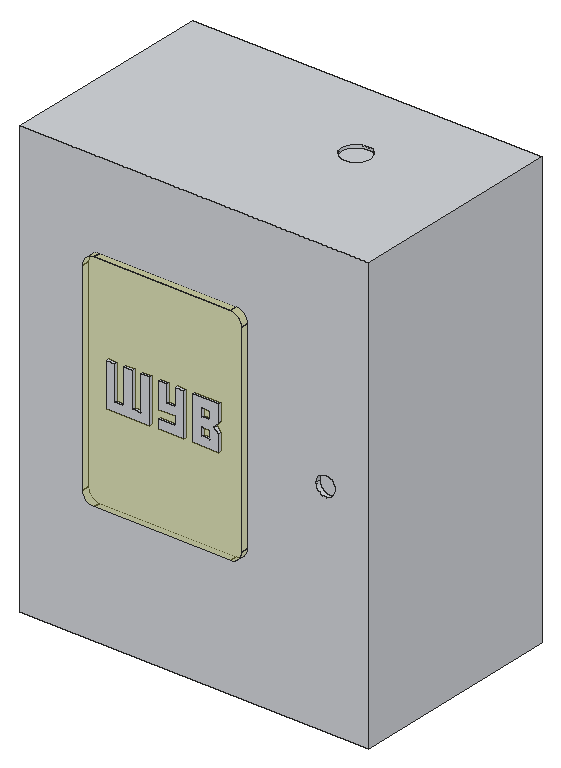
Revit family "ШУВ-DF_FC101-С300", category Оборудование, Revit 2020
Family settings
  Размер круглого соединителя = Использовать диаметр
  Классификация = Нет
  Тип детали = Нормальный
  На основе рабочей плоскости = Нет
  Всегда вертикально = Да
  При загрузке вырезать с полостями = Нет
  Общий = Нет
  Точка расчета площади = Нет
Parameters (values of type "ШУВ-М_АВВ_0,37-1,5кВт")
  расст замок верт = 250 mm
  Ширина [instance] = 405 mm
  Расст вывода3 от левой стенки = 220 mm
  Расст замок = 355 mm
  Расст вывода2 от левой стенки = 160 mm
  Расст вывода от левой стенки = 100 mm
  Расст вывода от задней стенки = 100 mm
  Расст ПУШ от верхней стенки = 100 mm
  Расст ввод от задней стенки = 100 mm
  Расст ввод от левой стенки = 270 mm
  Расст ПУШ от левой стенки = 80 mm
  Отметка по умолчанию = 0 mm
  Описание = "ШУВ-С300 предназначен для управления одно/трехфазным электродвигателем приточного или вытяжного вентилятора системы противопожарной вентиляции от 0,37 до 200 кВт. Управление осуществляется посредством интегрированного модуля контроля и управления МС322-24, что позволяет использовать шкаф в составе Системы пожарной автоматики и сигнализации «СПРУТ-2», в частности – в составе адресно-аналоговой сигнализации «С300»."
  Назв гориз ПУШ = 120 mm
  Комментарии к типоразмеру = "Ш2/ABB"
  Изготовитель = "ООО \"Плазма-Т\""
  Группа модели = "ШУВ-DF_FC101-С300"
  Глубина [instance] = 250 mm
  Высота [instance] = 505 mm
  URL = "https://plazma-t.ru/"
Types (4, lengths in mm): name | расст замок верт | Ширина | Расст вывода3 от левой стенки | Расст замок | Расст вывода2 от левой стенки | Расст вывода от левой стенки | Расст вывода от задней стенки | Расст ПУШ от верхней стенки | Расст ввод от задней стенки | Расст ввод от левой стенки | Расст ПУШ от левой стенки | Комментарии к типоразмеру | Глубина | Высота
  ШУВ-М_АВВ_2,2-7,5кВт | 350 | 500 | 380 | 450 | 320 | 260 | 125 | 130 | 100 | 315 | 140 | "Ш3/ABB" | 250 | 700
  ШУВ-М_АВВ_11-45кВт | 500 | 600 | 270 | 550 | 210 | 150 | 100 | 240 | 100 | 355 | 150 | "Ш5/ABB" | 300 | 1000
  ШУВ-М_АВВ_55кВт | 900 | 800 | 700 | 750 | 600 | 500 | 200 | 300 | 200 | 400 | 200 | "Ш8/ABB" | 400 | 1800
  ШУВ-М_АВВ_0,37-1,5кВт | 250 | 405 | 220 | 355 | 160 | 100 | 100 | 100 | 100 | 270 | 80 | "Ш2/ABB" | 250 | 505
Reference planes
  plane 1 "По центру (Вперед/Назад)": y = 0
  plane 2: z = 0
  plane 3 "По центру (Влево/Вправо)": x = 0
  plane 4: y = -9
Forms (mm)
  Extrusion 1, solid
    sketch origin (0, 0, 0) x (1, 0, 0) y (0, 1, 0)
      loop
        line (0, 0) -> (405, 0) -> (405, 250) -> (0, 250) -> (0, 0)
    from 0 to 505
  Extrusion 2, solid, material "Источник света по умолчанию"
    sketch origin (0, 0, 0) x (1, 0, 0) y (0, 0, 1)
      loop
        arc (93, 405) -> (83.808, 401.192) -> (80, 392) r 13
        line (80, 392) -> (80, 158)
        arc (80, 158) -> (83.808, 148.808) -> (93, 145) r 13
        line (93, 145) -> (251.542, 145)
        arc (251.542, 145) -> (260.734, 148.808) -> (264.542, 158) r 13
        line (264.542, 158) -> (264.542, 392)
        arc (264.542, 392) -> (260.734, 401.192) -> (251.542, 405) r 13
        line (251.542, 405) -> (93, 405)
    from 0 to 9
  Extrusion 3, void
    sketch origin (0, 0, 0) x (1, 0, 0) y (0, 0, 1)
      loop
        circle (355, 255) r 11.5
    from 10 to -5.347
  Extrusion 4, void
    sketch origin (0, 0, 505) x (0, 1, 0) y (1, 0, 0)
      loop
        circle (150, 270) r 17
    from 0 to 3
  Extrusion 5, void
    sketch origin (0, 0, 0) x (1, 0, 0) y (0, 1, 0)
      loop
        circle (100, 150) r 17
    from 0 to 3
  Extrusion 6, void
    sketch origin (0, 0, 0) x (1, 0, 0) y (0, 1, 0)
      loop
        circle (160, 150) r 17
    from 0 to 3
  Extrusion 7, void
    sketch origin (0, 0, 0) x (1, 0, 0) y (0, 1, 0)
      loop
        circle (220, 150) r 17
    from 0 to 3
  Extrusion 8, solid
    sketch origin (0, -9, 0) x (1, 0, 0) y (0, 0, 1)
      loop
        line (109.909, 305.018) -> (109.909, 255.018) -> (159.909, 255.018) -> (159.909, 305.018) -> (149.909, 305.018) -> (149.909, 265.018) -> (139.909, 265.018) -> (139.909, 305.018) -> (129.909, 305.018) -> (129.909, 265.018) -> (119.909, 265.018) -> (119.909, 305.018) -> (109.909, 305.018)
      loop
        line (169.909, 305.018) -> (169.909, 275.018) -> (189.909, 275.018) -> (189.909, 265.018) -> (169.909, 265.018) -> (169.909, 255.018) -> (199.909, 255.018) -> (199.909, 305.018) -> (189.909, 305.018) -> (189.909, 285.018) -> (179.909, 285.018) -> (179.909, 305.018) -> (169.909, 305.018)
      loop
        line (209.909, 305.018) -> (209.909, 255.018) -> (240.384, 255.018) -> (240.384, 274.543) -> (234.909, 280.018) -> (239.909, 285.018) -> (239.909, 305.018) -> (209.909, 305.018)
      loop
        line (219.909, 265.018) -> (229.909, 265.018) -> (229.909, 275.018) -> (219.909, 275.018) -> (219.909, 265.018)
      loop
        line (219.909, 295.018) -> (219.909, 285.018) -> (229.909, 285.018) -> (229.909, 295.018) -> (219.909, 295.018)
    from 0 to 3
Cuts and joins
  Extrusion 3, Extrusion 4, Extrusion 5, Extrusion 6, Extrusion 7 cuts Extrusion 1
Dimensions and locks
  "Ширина": Extrusion 1 to Extrusion 1
  "Глубина": Extrusion 1 to Extrusion 1
  "Высота": Extrusion 1 to Extrusion 1
  Extrusion 1 to Extrusion 2 sketch curve = 100 mm
  "Расст ПУШ от верхней стенки": Extrusion 1 to Extrusion 2
  "расст замок верт": Extrusion 1 to Extrusion 3 sketch curve
  "Расст замок": Extrusion 1 to Extrusion 3 sketch curve
  "Расст ввод от левой стенки": Extrusion 4 sketch curve to cut or joined group of Extrusion 1, Extrusion 3, Extrusion 4, Extrusion 5, Extrusion 6, Extrusion 7
  "Расст ввод от задней стенки": cut or joined group of Extrusion 1, Extrusion 3, Extrusion 4, Extrusion 5, Extrusion 6, Extrusion 7 to Extrusion 4 sketch curve
  locked: Extrusion 2 sketch curve to Extrusion 2 sketch curve at 184.542
  locked: Extrusion 2 sketch curve to Extrusion 2 sketch curve at 260
  "Расст ПУШ от левой стенки": cut or joined group of Extrusion 1, Extrusion 3, Extrusion 4, Extrusion 5, Extrusion 6, Extrusion 7 to Extrusion 2 sketch curve
  "Расст вывода от левой стенки": cut or joined group of Extrusion 1, Extrusion 3, Extrusion 4, Extrusion 5, Extrusion 6, Extrusion 7 to Extrusion 5 sketch curve
  "Расст вывода от задней стенки": cut or joined group of Extrusion 1, Extrusion 3, Extrusion 4, Extrusion 5, Extrusion 6, Extrusion 7 to Extrusion 5 sketch curve
  "Расст вывода от задней стенки": cut or joined group of Extrusion 1, Extrusion 3, Extrusion 4, Extrusion 5, Extrusion 6, Extrusion 7 to Extrusion 6 sketch curve
  "Расст вывода2 от левой стенки": cut or joined group of Extrusion 1, Extrusion 3, Extrusion 4, Extrusion 5, Extrusion 6, Extrusion 7 to Extrusion 6 sketch curve
  "Расст вывода от задней стенки": cut or joined group of Extrusion 1, Extrusion 3, Extrusion 4, Extrusion 5, Extrusion 6, Extrusion 7 to Extrusion 7 sketch curve
  "Расст вывода3 от левой стенки": cut or joined group of Extrusion 1, Extrusion 3, Extrusion 4, Extrusion 5, Extrusion 6, Extrusion 7 to Extrusion 7 sketch curve
  cut or joined group of Extrusion 1, Extrusion 3, Extrusion 4, Extrusion 5, Extrusion 6, Extrusion 7 to cut or joined group of Extrusion 1, Extrusion 3, Extrusion 4, Extrusion 5, Extrusion 6, Extrusion 7 = 405 mm
  Extrusion 2 to Extrusion 8 sketch curve = 29.909 mm
  Extrusion 8 sketch curve to Extrusion 8 sketch curve = 90 mm
  Extrusion 8 sketch curve to Extrusion 8 sketch curve = 130 mm
  Extrusion 8 sketch curve to Extrusion 8 sketch curve = 50 mm  (x2)
  Extrusion 8 sketch curve to Extrusion 8 sketch curve = 30 mm
  Extrusion 8 sketch curve to Extrusion 8 sketch curve = 30.475 mm
  Extrusion 8 sketch curve to Extrusion 2 = 160.018 mm
  diameter of Extrusion 4 sketch curve = 34 mm
  aligned and locked: level to plane 2
  aligned and locked: Extrusion 1 to level
  aligned and locked: Extrusion 1 to plane 3 "По центру (Влево/Вправо)"
  aligned and locked: plane 1 "По центру (Вперед/Назад)" to Extrusion 1
Automatic sketch dimensions
  plane 3 "По центру (Влево/Вправо)" to Extrusion 1 sketch curve = 0 mm
  plane 1 "По центру (Вперед/Назад)" to Extrusion 1 sketch curve = 0 mm
  plane 3 "По центру (Влево/Вправо)" to Extrusion 1 sketch curve = 405 mm
  Extrusion 1 sketch curve to plane 1 "По центру (Вперед/Назад)" = 250 mm
  Extrusion 8 sketch curve to Extrusion 8 sketch curve = 10 mm  (x17)
  Extrusion 8 sketch curve to Extrusion 8 sketch curve = 0 mm  (x9)
  Extrusion 8 sketch curve to Extrusion 8 sketch curve = 5 mm  (x4)
  Extrusion 8 sketch curve to Extrusion 8 sketch curve = 20 mm
  Extrusion 8 sketch curve to Extrusion 8 sketch curve = 5.475 mm
  Extrusion 2 sketch curve to Extrusion 2 sketch curve = 13 mm  (x4)
  radius of Extrusion 3 sketch curve = 11.5 mm
  radius of Extrusion 5 sketch curve = 17 mm
  radius of Extrusion 6 sketch curve = 17 mm
  radius of Extrusion 7 sketch curve = 17 mm
Connectors
  electrical at (270, 150, 502)
    settings: on cut or joined group of Extrusion 1, Extrusion 3, Extrusion 4, Extrusion 5, Extrusion 6, Extrusion 7, index 1, voltage 0 V, apparent load 0 VA, apparent load phase1 0 VA, apparent load phase2 0 VA, apparent load phase3 0 VA, power factor 1, load classification "Прочее", number of poles 1, system type 30, power factor state 1, is connector primary yes, connector utility no, sub classification motor no, connector description "380V"
  electrical at (100, 150, 3)
    settings: on cut or joined group of Extrusion 1, Extrusion 3, Extrusion 4, Extrusion 5, Extrusion 6, Extrusion 7, index 2, voltage 0 V, apparent load 0 VA, apparent load phase1 0 VA, apparent load phase2 0 VA, apparent load phase3 0 VA, power factor 1, load classification "Прочее", number of poles 1, system type 9, power factor state 1, is connector primary no, connector utility no, sub classification motor no, connector description "вход1"
  electrical at (160, 150, 3)
    settings: on cut or joined group of Extrusion 1, Extrusion 3, Extrusion 4, Extrusion 5, Extrusion 6, Extrusion 7, index 3, voltage 0 V, apparent load 0 VA, apparent load phase1 0 VA, apparent load phase2 0 VA, apparent load phase3 0 VA, power factor 1, load classification "Прочее", number of poles 1, system type 9, power factor state 1, is connector primary no, connector utility no, sub classification motor no, connector description "вход2"
